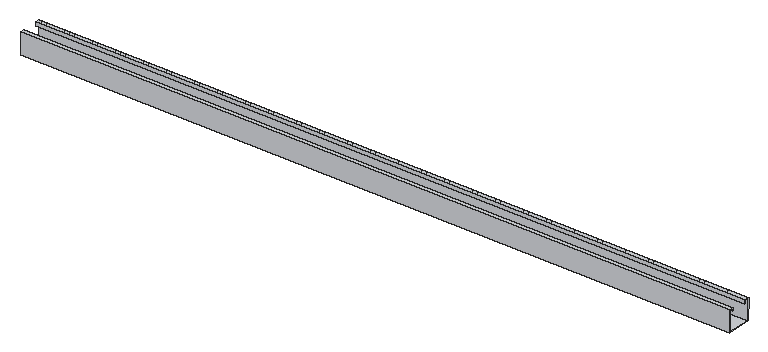
Revit family "TSN SigmaStud Straight", category Structural Framing, Revit 2026
Family settings
  Section Shape = Not Defined
  Material for Model Behavior = Other
  Always export as geometry = No
  Classification Number = 23.25.30.11.14.14
  Always vertical = Yes
  Cut with Voids When Loaded = No
  Symbolic Representation = From Family
  Shared = No
  Show family pre-cut in plan views = Yes
Parameters (values of type "400SG350-118, 50ksi")
  d2 = 0' - 0 1/2"
  Version = "2.0"
  URL = "http://www.steelnetwork.com/product.aspx/SigmaStud"
  T = 0' - 0.124"
  Stud_D = 1' - 0"
  Section_DB = 5
  Manufacturer = "The Steel Network, Inc."
  Length [instance] = 10' - 0"
  D = 0' - 4"
  d1 = 0' - 0.768"
  B = 0' - 3 1/2"
Types (25): name | T | D | d1 | B
  (no name) | 0' - 0 9/128" | 1' - 4" | 0' - 0 81/128" | 0' - 3"
  350SG250-33, 50ksi | 0' - 0.0346" | 0' - 3 1/2" | 0' - 0.5892" | 0' - 2 1/2"
  350SG250-43, 50ksi | 0' - 0.0451" | 0' - 3 1/2" | 0' - 0.6102" | 0' - 2 1/2"
  350SG250-54, 50ksi | 0' - 0.0566" | 0' - 3 1/2" | 0' - 0.6332" | 0' - 2 1/2"
  350SG250-68, 50ksi | 0' - 0.0713" | 0' - 3 1/2" | 0' - 0.6626" | 0' - 2 1/2"
  350SG250-97, 50ksi | 0' - 0.1017" | 0' - 3 1/2" | 0' - 0.7234" | 0' - 2 1/2"
  350SG350-68, 50ksi | 0' - 0.0713" | 0' - 3 1/2" | 0' - 0.6626" | 0' - 3 1/2"
  350SG350-97, 50ksi | 0' - 0.1017" | 0' - 3 1/2" | 0' - 0.7234" | 0' - 3 1/2"
  350SG350-118, 50ksi | 0' - 0.124" | 0' - 3 1/2" | 0' - 0.768" | 0' - 3 1/2"
  362SG250-33, 50ksi | 0' - 0.0346" | 0' - 3 5/8" | 0' - 0.5892" | 0' - 2 1/2"
  362SG250-43, 50ksi | 0' - 0.0451" | 0' - 3 5/8" | 0' - 0.6102" | 0' - 2 1/2"
  362SG250-54, 50ksi | 0' - 0.0566" | 0' - 3 5/8" | 0' - 0.6332" | 0' - 2 1/2"
  362SG250-68, 50ksi | 0' - 0.0713" | 0' - 3 5/8" | 0' - 0.6626" | 0' - 2 1/2"
  362SG250-97, 50ksi | 0' - 0.1017" | 0' - 3 5/8" | 0' - 0.7234" | 0' - 2 1/2"
  362SG350-68, 50ksi | 0' - 0.0713" | 0' - 3 5/8" | 0' - 0.6626" | 0' - 3 1/2"
  362SG350-97, 50ksi | 0' - 0.1017" | 0' - 3 5/8" | 0' - 0.7234" | 0' - 3 1/2"
  362SG350-118, 50ksi | 0' - 0.124" | 0' - 3 5/8" | 0' - 0.768" | 0' - 3 1/2"
  400SG250-33, 50ksi | 0' - 0.0346" | 0' - 4" | 0' - 0.5892" | 0' - 2 1/2"
  400SG250-43, 50ksi | 0' - 0.0451" | 0' - 4" | 0' - 0.6102" | 0' - 2 1/2"
  400SG250-54, 50ksi | 0' - 0.0566" | 0' - 4" | 0' - 0.6332" | 0' - 2 1/2"
  400SG250-68, 50ksi | 0' - 0.0713" | 0' - 4" | 0' - 0.6626" | 0' - 2 1/2"
  400SG250-97, 50ksi | 0' - 0.1017" | 0' - 4" | 0' - 0.7234" | 0' - 2 1/2"
  400SG350-68, 50ksi | 0' - 0.0713" | 0' - 4" | 0' - 0.6626" | 0' - 3 1/2"
  400SG350-97, 50ksi | 0' - 0.1017" | 0' - 4" | 0' - 0.7234" | 0' - 3 1/2"
  400SG350-118, 50ksi | 0' - 0.124" | 0' - 4" | 0' - 0.768" | 0' - 3 1/2"
Reference planes (in)
  plane 1 "Center (Front/Back)": y = 0
  plane 2 "Center El.": z = 0
  plane 3 "Center (Left/Right)": x = 0
  plane 4 "Left": x = -60
  plane 5 "Right": x = 60
  plane 6: z = 0
  plane 7: z = 3.5
  plane 8: y = -2
  plane 9: y = 2
  plane 10: y = -1.232
  plane 11: y = 1.232
Forms (in)
  Extrusion 1, solid
    sketch origin (60, 0, 0) x (0, -1, 0) y (0, 0, 1)
      loop
        line (2, 3.5) -> (1.232, 3.5) -> (1.232, 3) -> (1.356, 3) -> (1.356, 3.376) -> (1.876, 3.376) -> (1.876, 0.124) -> (-1.876, 0.124) -> (-1.876, 3.376) -> (-1.356, 3.376) -> (-1.356, 3) -> (-1.232, 3) -> (-1.232, 3.5) -> (-2, 3.5) -> (-2, 0) -> (2, 0) -> (2, 3.5)
    from 0 to 120
Lines and regions (in)
  model lines, style "Stick Symbols", detail levels coarse
    curve 1: line (-60, 0, 0) -> (60, 0, 0)
Dimensions and locks (in)
  equal spacing: plane 4 "Left", plane 3 "Center (Left/Right)", plane 5 "Right"
  "Length": plane 4 "Left" to plane 5 "Right"
  equal spacing: plane 8, plane 1 "Center (Front/Back)", plane 9
  "D": plane 8 to plane 9
  "B": plane 7 to plane 6
  "T": Extrusion 1 to plane 6
  "T": plane 8 to Extrusion 1
  "T": Extrusion 1 to plane 9
  "d1": plane 8 to plane 10
  "d1": plane 11 to plane 9
  "T": Extrusion 1 to Extrusion 1  (x4)
  "d2": Extrusion 1 to Extrusion 1  (x2)
  aligned and locked: plane 1 "Center (Front/Back)" to curve 1
  aligned and locked: Extrusion 1 to plane 6
  aligned and locked: plane 9 to Extrusion 1
  aligned and locked: Extrusion 1 to plane 8
  aligned and locked: Extrusion 1 to plane 5 "Right"
  aligned and locked: plane 4 "Left" to Extrusion 1
  aligned: plane 10 to Extrusion 1
  aligned: plane 11 to Extrusion 1
  aligned and locked: plane 10 to Extrusion 1
  aligned and locked: plane 11 to Extrusion 1
Automatic sketch dimensions
  curve 1 to plane 4 "Left" = 0' - 0"
  curve 1 to plane 5 "Right" = 0' - 0"
  Extrusion 1 sketch curve to plane 7 = 0' - 0"  (x2)
  Extrusion 1 sketch curve to plane 9 = 0' - 0"
  Extrusion 1 sketch curve to plane 11 = 0' - 0"
  Extrusion 1 sketch curve to plane 10 = 0' - 0"
  Extrusion 1 sketch curve to plane 8 = 0' - 0"
  Extrusion 1 sketch curve to level = 0' - 0"
  Extrusion 1 sketch curve to plane 9 = 0' - 0.124"
  Extrusion 1 sketch curve to Extrusion 1 sketch curve = 0' - 0.124"
  Extrusion 1 sketch curve to plane 10 = 0' - 0.124"
  plane 8 to Extrusion 1 sketch curve = 0' - 0.124"
  level to Extrusion 1 sketch curve = 0' - 0.124"
  Extrusion 1 sketch curve to plane 7 = 0' - 0 1/2"  (x2)
  Extrusion 1 sketch curve to plane 7 = 0' - 0.124"  (x2)
